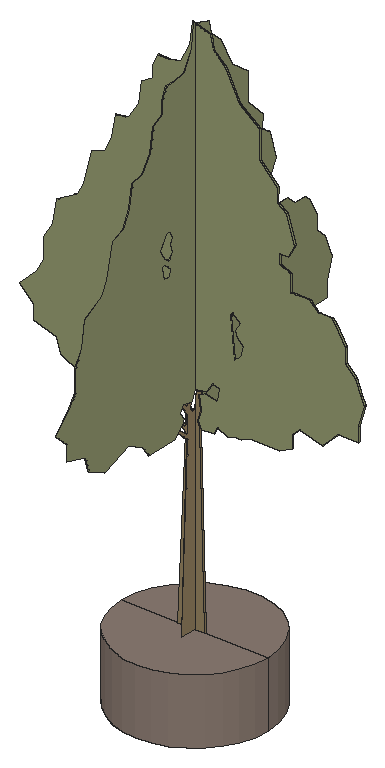
Revit family "L-PLO_원추형", category 수목, Revit 2019
Family settings
  OmniClass 번호 = 23.40.05.00
  OmniClass 제목 = Plants and Planting Products
  작업 기준면 기반 = 아니오
  항상 수직 = 예
  로드될 때 보이드를 사용하여 절단 = 아니오
  렌더 모양 소스 = 패밀리 형상
  공유 = 아니오
Parameters
  한국산업규격KS = ""
  콘 높이 = 뿌리분 직경 / 4  # 272.5 mm
  조달청표준공사코드-세부공종 = ""
  뿌리분 직경 = (24 mm + ((R / 10) - 3 mm) * 5) * 10  # 1090 mm
  뿌리분 높이 = 뿌리분 직경 / 2  # 545 mm
  높이 = 4500 mm
  건설정보분류체계-부위분류 = "E985"
  R = 200 mm
  LIM_INFO_주의사항 = "재배포, 재가공, 판매 금지"
  LIM_INFO_제작일 = "20211210"
  LIM_INFO_버전 = "2022_V01"
  LIM_INFO_PL_학명 = ""
  LIM_INFO_PL_품명 = ""
  LIM_INFO_PL_주당인정수량 = 0
  LIM_INFO_PL_수목단위 = "주"
  LIM_INFO_PL_규격 = ""
  LIM_INFO_PL_구분 = ""
  LIM_INFO_PL_가격 = 0
  LIM_INFO_PL_Qty [instance] = 0
  LIM_INFO_PL_M2당수량 = 0
  KBIMS_식별-버전 = ""
  KBIMS_식별-bSK등록번호 = ""
  KBIMS_보급정보-저작자 = "림인포테크_MMJ"
  KBIMS_보급정보-보급코드 = ""
  H = 높이  # 4500 mm
Reference planes
  plane 1 "중심(앞/뒤)": y = 0
  plane 2: z = 0
  plane 3 "중심(왼쪽/오른쪽)": x = 0
  plane 4: x = 482.5
  plane 5: x = -607.5
  plane 6: z = -545
  plane 7: z = -817.5
  plane 8: z = 4500
  plane 9: x = -100
  plane 10: x = 100
Forms (mm)
  Revolve 1, solid, material "흙"
    sketch origin (0, 0, 0) x (1, 0, 0) y (0, 0, 1)
      loop
        line (0, 0) -> (-607.5, 0) -> (-607.5, -545) -> (0, -545) -> (0, 0)
      axis (0, 0) -> (0, -545)
    angle from 0 to 360
  Revolve 2, solid, material "흙"
    sketch origin (0, 0, 0) x (1, 0, 0) y (0, 0, 1)
      loop
        line (0, -545) -> (-607.5, -545) -> (0, -817.5) -> (0, -545)
      axis (0, -545) -> (0, -817.5)
    angle from 0 to 360
Dimensions and locks
  "뿌리분 직경": plane 4 to plane 5
  "뿌리분 높이": plane 6 to level
  "콘 높이": plane 7 to plane 6
  "H": level to plane 8
  "R": plane 9 to plane 10
  aligned and locked: level to plane 2
Automatic sketch dimensions
  Revolve 1 sketch curve to level = 0 mm  (x2)
  Revolve 1 sketch curve to plane 5 = 0 mm
  Revolve 1 sketch curve to plane 3 "중심(왼쪽/오른쪽)" = 0 mm  (x2)
  Revolve 1 sketch curve to plane 6 = 0 mm  (x2)
  Revolve 2 sketch curve to plane 5 = 0 mm
  Revolve 2 sketch curve to plane 3 "중심(왼쪽/오른쪽)" = 0 mm  (x2)
  Revolve 2 sketch curve to plane 7 = 0 mm  (x2)
  Revolve 2 sketch curve to plane 6 = 0 mm  (x2)
Nested families
  nested 1: "원추형_base" at (0, 0, 0), type "원추형_base"
Definition of nested family "원추형_base"
  Parameters (values of type "원추형_base")
    Height = 6000 mm
  Reference planes
    plane 1 "중심(앞/뒤)": y = 0
    plane 2: z = 0
    plane 3 "중심(왼쪽/오른쪽)": x = 0
  Forms (mm)
    Revolve 1, solid, detail levels coarse
      sketch origin (0, 0, 0) x (1, 0, 0) y (0, 0, 1)
        loop
          line (0, 4500) -> (-1534.813, 1945.641) -> (-75, 1618.902) -> (-75, 0) -> (0, 0) -> (0, 4500)
        axis (0, 4500) -> (0, 0)
      angle from 0 to 360
    Extrusion 2, solid, detail levels fine
      sketch origin (3973.12, 0, -27.505) x (1, 0, 0) y (0, 0, 1)
        loop
          line (-4147.359, 1560.182) -> (-4048.09, 1462.538) -> (-4108.139, 27.505) -> (-3988.993, 27.505) -> (-3887.068, 27.505) -> (-3925.756, 1543.433) -> (-3945.024, 1582.88) -> (-3918.757, 1667.769) -> (-3938.457, 1781.994) -> (-3915.051, 1791.775) -> (-3915.051, 1809.229) -> (-3952.869, 1804.896) -> (-3973.12, 1651.396) -> (-3999.087, 1651.396) -> (-4022.941, 1679.469) -> (-4015.947, 1725.264) -> (-4043.57, 1729.772) -> (-4046.942, 1709.112) -> (-4074.109, 1735.599) -> (-4097.301, 1738.931) -> (-4107.58, 1725.486) -> (-4047.607, 1650.465) -> (-4043.295, 1499.952) -> (-4134.343, 1570.817) -> (-4147.359, 1560.182)
      from 0 to 5
    Extrusion 3, solid, detail levels fine
      sketch origin (3973.12, 0, -27.505) x (1, 0, 0) y (0, 0, 1)
        loop
          line (-4099.796, 1744.501) -> (-4009.469, 1729.758) -> (-3978.131, 1809.002) -> (-3873.057, 1821.902) -> (-3819.599, 1899.302) -> (-3766.14, 1879.031) -> (-3782.731, 1777.673) -> (-3884.118, 1801.63) -> (-3933.89, 1779.516) -> (-3913.612, 1668.943) -> (-3939.42, 1584.171) -> (-3913.993, 1529.008) -> (-3806.577, 1536.303) -> (-3782.651, 1589.577) -> (-3693.407, 1549.497) -> (-3649.972, 1565.658) -> (-3581.457, 1565.658) -> (-3517.293, 1595.013) -> (-3269.48, 1595.013) -> (-3162.511, 1650.134) -> (-3162.511, 1750.054) -> (-3099.618, 1812.947) -> (-2909.325, 1760.534) -> (-2780.803, 1889.056) -> (-2612.272, 1889.056) -> (-2612.272, 2009.056) -> (-2561.669, 2173.47) -> (-2595.507, 2245.961) -> (-2636.447, 2355.991) -> (-2717.912, 2437.455) -> (-2717.912, 2557.455) -> (-2800.074, 2698.81) -> (-2834.163, 2732.899) -> (-2943.832, 2732.899) -> (-3014.543, 2803.61) -> (-3174.543, 2803.61) -> (-3174.543, 2943.61) -> (-3264.439, 2983.983) -> (-3264.439, 3058.583) -> (-3195.02, 3058.583) -> (-3141.507, 3157.131) -> (-3206.018, 3379.519) -> (-3286.101, 3432.892) -> (-3281.018, 3545.894) -> (-3428.594, 3699.103) -> (-3428.594, 3926.079) -> (-3598.875, 4056.59) -> (-3710.196, 4277.717) -> (-3816.341, 4378.246) -> (-3835.894, 4478.775) -> (-3988.993, 4527.505) -> (-4009.619, 4345.602) -> (-4083.329, 4201.523) -> (-4182.331, 4182.935) -> (-4273.549, 4182.935) -> (-4314.518, 4091.712) -> (-4314.518, 3991.661) -> (-4407.288, 3940.743) -> (-4436.845, 3756.124) -> (-4519.446, 3634.578) -> (-4624.135, 3615.379) -> (-4653.211, 3437.743) -> (-4716.705, 3313.634) -> (-4824.932, 3273.365) -> (-4887.517, 3008.505) -> (-4940.566, 2913.743) -> (-5115.893, 2817.512) -> (-5148.114, 2620.666) -> (-5216.5, 2498.505) -> (-5216.5, 2325.572) -> (-5276.033, 2227.063) -> (-5415.763, 2087.333) -> (-5301.575, 1973.146) -> (-5301.575, 1853.146) -> (-5110.245, 1794.898) -> (-5081.117, 1681.845) -> (-4911.39, 1595.013) -> (-4663.098, 1687.397) -> (-4520.656, 1614.524) -> (-4454.777, 1526.338) -> (-4192.355, 1526.338) -> (-4113.69, 1593.396) -> (-4096.109, 1637.615) -> (-4134.821, 1694.744) -> (-4099.796, 1744.501)
        loop
          line (-3652.228, 2486.908) -> (-3674.444, 2461.514) -> (-3640.933, 2142.185) -> (-3588.172, 2177.112) -> (-3561.078, 2265.497) -> (-3618.117, 2309.69) -> (-3630.238, 2356.734) -> (-3586.735, 2426.89) -> (-3652.228, 2486.908)
        loop
          line (-4288.308, 2902.945) -> (-4240.316, 2869.817) -> (-4207.178, 2924.65) -> (-4225.461, 2989.763) -> (-4203.75, 3029.745) -> (-4235.745, 3098.285) -> (-4283.737, 3085.72) -> (-4339.728, 2984.051) -> (-4288.308, 2902.945)
        loop
          line (-4322.806, 2855.666) -> (-4305.372, 2764.738) -> (-4235.268, 2745.429) -> (-4223.823, 2807.646) -> (-4286.058, 2862.712) -> (-4322.806, 2855.666)
      from 0 to 5
    Extrusion 4, solid, detail levels fine
      sketch origin (-3.165, 3971.285, -27.505) x (0, 1, 0) y (0, 0, 1)
        loop
          line (-4147.359, 1560.182) -> (-4048.09, 1462.538) -> (-4108.139, 27.505) -> (-3988.993, 27.505) -> (-3887.068, 27.505) -> (-3925.756, 1543.433) -> (-3945.024, 1582.88) -> (-3918.757, 1667.769) -> (-3938.457, 1781.994) -> (-3915.051, 1791.775) -> (-3915.051, 1809.229) -> (-3952.869, 1804.896) -> (-3973.12, 1651.396) -> (-3999.087, 1651.396) -> (-4022.941, 1679.469) -> (-4015.947, 1725.264) -> (-4043.57, 1729.772) -> (-4046.942, 1709.112) -> (-4074.109, 1735.599) -> (-4097.301, 1738.931) -> (-4107.58, 1725.486) -> (-4047.607, 1650.465) -> (-4043.295, 1499.952) -> (-4134.343, 1570.817) -> (-4147.359, 1560.182)
      from 0 to 5
    Extrusion 5, solid, detail levels fine
      sketch origin (0, 3973.12, -27.505) x (0, 1, 0) y (0, 0, 1)
        loop
          line (-4099.796, 1744.501) -> (-4009.469, 1729.758) -> (-3978.131, 1809.002) -> (-3873.057, 1821.902) -> (-3819.599, 1899.302) -> (-3766.14, 1879.031) -> (-3782.731, 1777.673) -> (-3884.118, 1801.63) -> (-3933.89, 1779.516) -> (-3913.612, 1668.943) -> (-3939.42, 1584.171) -> (-3913.993, 1529.008) -> (-3806.577, 1536.303) -> (-3782.651, 1589.577) -> (-3693.407, 1549.497) -> (-3649.972, 1565.658) -> (-3581.457, 1565.658) -> (-3517.293, 1595.013) -> (-3269.48, 1595.013) -> (-3162.511, 1650.134) -> (-3162.511, 1750.054) -> (-3099.618, 1812.947) -> (-2909.325, 1760.534) -> (-2780.803, 1889.056) -> (-2612.272, 1889.056) -> (-2612.272, 2009.056) -> (-2561.669, 2173.47) -> (-2595.507, 2245.961) -> (-2636.447, 2355.991) -> (-2717.912, 2437.455) -> (-2717.912, 2557.455) -> (-2800.074, 2698.81) -> (-2834.163, 2732.899) -> (-2943.832, 2732.899) -> (-3014.543, 2803.61) -> (-3174.543, 2803.61) -> (-3174.543, 2943.61) -> (-3264.439, 2983.983) -> (-3264.439, 3058.583) -> (-3195.02, 3058.583) -> (-3141.507, 3157.131) -> (-3206.018, 3379.519) -> (-3286.101, 3432.892) -> (-3281.018, 3545.894) -> (-3428.594, 3699.103) -> (-3428.594, 3926.079) -> (-3598.875, 4056.59) -> (-3710.196, 4277.717) -> (-3816.341, 4378.246) -> (-3835.894, 4478.775) -> (-3988.993, 4527.505) -> (-4009.619, 4345.602) -> (-4083.329, 4201.523) -> (-4182.331, 4182.935) -> (-4273.549, 4182.935) -> (-4314.518, 4091.712) -> (-4314.518, 3991.661) -> (-4407.288, 3940.743) -> (-4436.845, 3756.124) -> (-4519.446, 3634.578) -> (-4624.135, 3615.379) -> (-4653.211, 3437.743) -> (-4716.705, 3313.634) -> (-4824.932, 3273.365) -> (-4887.517, 3008.505) -> (-4940.566, 2913.743) -> (-5115.893, 2817.512) -> (-5148.114, 2620.666) -> (-5216.5, 2498.505) -> (-5216.5, 2325.572) -> (-5276.033, 2227.063) -> (-5415.763, 2087.333) -> (-5301.575, 1973.146) -> (-5301.575, 1853.146) -> (-5110.245, 1794.898) -> (-5081.117, 1681.845) -> (-4911.39, 1595.013) -> (-4663.098, 1687.397) -> (-4520.656, 1614.524) -> (-4454.777, 1526.338) -> (-4192.355, 1526.338) -> (-4113.69, 1593.396) -> (-4096.109, 1637.615) -> (-4134.821, 1694.744) -> (-4099.796, 1744.501)
        loop
          line (-3652.228, 2486.908) -> (-3674.444, 2461.514) -> (-3640.933, 2142.185) -> (-3588.172, 2177.112) -> (-3561.078, 2265.497) -> (-3618.117, 2309.69) -> (-3630.238, 2356.734) -> (-3586.735, 2426.89) -> (-3652.228, 2486.908)
        loop
          line (-4288.308, 2902.945) -> (-4240.316, 2869.817) -> (-4207.178, 2924.65) -> (-4225.461, 2989.763) -> (-4203.75, 3029.745) -> (-4235.745, 3098.285) -> (-4283.737, 3085.72) -> (-4339.728, 2984.051) -> (-4288.308, 2902.945)
        loop
          line (-4322.806, 2855.666) -> (-4305.372, 2764.738) -> (-4235.268, 2745.429) -> (-4223.823, 2807.646) -> (-4286.058, 2862.712) -> (-4322.806, 2855.666)
      from 0 to 5
  Lines and regions (mm)
    symbolic lines
      curve 1: circle (0, 0, 0) r 47.047 normal (0, 0, 1)
      curve 2: circle (-47.047, 0, 0) r 1016.915 normal (0, 0, 1)
      curve 3: circle (47.047, 0, 0) r 1016.915 normal (0, 0, 1)
  Dimensions and locks
    aligned and locked: level to plane 2
